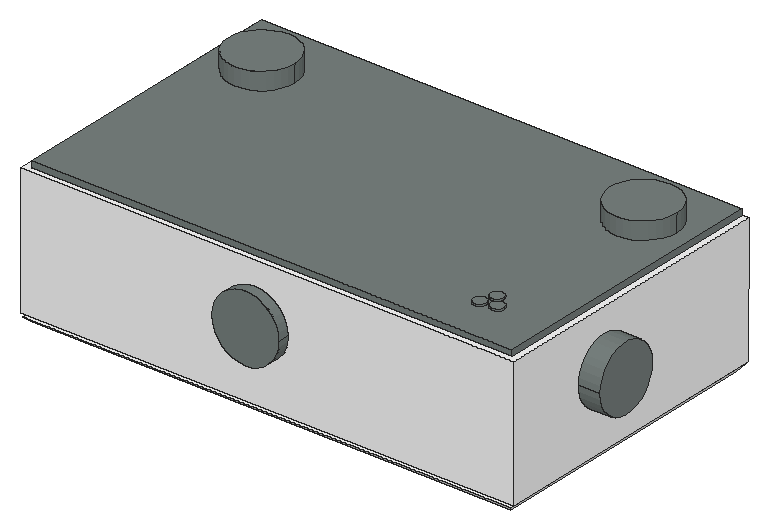
Revit family "AM 300 VVDIDE", category Mechanical Equipment, Revit 2019
Family settings
  Round Connector Dimension = Use Diameter
  Part Type = Normal
  OmniClass Number = 23.75.00.00
  OmniClass Title = Climate Control (HVAC)
  Work Plane-Based = No
  Always vertical = Yes
  Cut with Voids When Loaded = No
  Shared = No
  Room Calculation Point = No
Parameters
  Weight (Standard Unit) = 85  # constant formula
  Water Heating [instance] = yes
  Water Heater Surface Return = 15 mm  # constant formula
  Water Heater Surface IN = 15 mm  # constant formula
  URL = "www.airmaster-as.com"
  Total Width = 1180 mm  # constant formula
  Total Hight = 344 mm  # constant formula
  Data Sheet = "https://www.airmaster-as.com/media/4938/15583-am300-en-rev-04.pdf"
  B-C Duct Supply = 147 mm  # constant formula
  B-C Duct Exhaust = 147 mm  # constant formula
  Suply Air In = 160 mm  # constant formula
  R-C Duct Supply = 133 mm  # constant formula
  Phase 1 - Max Power Consumption = "1175 W"
  Phase 1 - Max Current = "7,97 A"
  Nominal current, electrical preheating surface = "4,35 A"
  Nominal current, electrical comfort heating surface = "2,17 A"
  Nominal current, air handling unit = "1,45 A"
  Network Conection = "AWG 24 CAT 5e STP"
  Model = "AM 300 VVDIDE"
  Max. flow rate 35 dB(A) with ePM10 80% filters = 240.00 m³  # constant formula
  Max. flow rate 35 dB(A) with ePM10 55% filters = 270.00 m³  # constant formula
  Max. flow rate 35 dB(A) with ePM10 50% filters = 275.00 m³  # constant formula
  Max. flow rate 30 dB(A) with ePM10 80% filters = 180.00 m³  # constant formula
  Max. flow rate 30 dB(A) with ePM10 55% filters = 205.00 m³  # constant formula
  Max. flow rate 30 dB(A) with ePM10 50% filters = 210.00 m³  # constant formula
  Manufacturer = "Airmaster A/S"
  Maintenance [instance] = no
  L-C Duct Exhaust = 133 mm  # constant formula
  Extract air = 160 mm  # constant formula
  Exhaust Air = 160 mm  # constant formula
  Total Depth = 703 mm  # constant formula
  Electrical connection = "1 ~ 230 V / N / PE / 50 Hz"
  Drawn By = "LSB"
  Condensate = 6 mm  # constant formula
  BMS Panel = "(PTS) 2x2x0,6"
  BMS Out = "(PTS) 2x2x0,6"
  BMS IN = "(PTS) 2x2x0,6"
  Airlow area [instance] = no
Reference planes
  plane 1 "Center (Front/Back)": y = 0
  plane 2: z = 0
  plane 3 "Center (Left/Right)": x = 0
  plane 4 "Center L/S": y = -703
  plane 5 "Center L/T": x = -590
  plane 6 "Center L/U": x = 590
  plane 7 "TOP": z = 344
  plane 8 "Center L/V": x = -575
  plane 9 "Center L/W": y = -688
  plane 10 "Center L/X": x = 575
  plane 11 "Panel Buttom": z = 20.747
  plane 12 "Panel Top": z = 330.347
  plane 13 "Hatch": z = 14.5
Forms (mm)
  Extrusion 1, solid, material "AM Grey"
    sketch origin (0, 0, 0) x (1, 0, 0) y (0, 1, 0)
      loop
        line (-575, 0) -> (-575, -688) -> (575, -688) -> (575, 0) -> (-575, 0)
    from 14.5 to 344
  Extrusion 2, solid, material "AM White"
    sketch origin (794.5, -1524, 20.747) x (0, -1, 0) y (-1, 0, 0)
      loop
        line (-1524, 1384.5) -> (-1524, 1369.5) -> (-836, 1369.5) -> (-836, 219.5) -> (-1524, 219.5) -> (-1524, 204.5) -> (-821, 204.5) -> (-821, 1384.5) -> (-1524, 1384.5)
    from 0 to -309.6
  Blend 3, solid, material "AM White"
    base sketch origin (-790.646, -1524, 14.5) x (0, -1, 0) y (1, 0, 0)
      loop
        line (-821, 207.613) -> (-821, 1373.657) -> (-1524, 1373.657) -> (-1524, 207.613) -> (-821, 207.613)
    top sketch origin (-790.646, -1524, 14.5) x (0, -1, 0) y (1, 0, 0)
      loop
        line (-836, 218.963) -> (-836, 1362.646) -> (-1509.161, 1362.646) -> (-1509.161, 218.963) -> (-836, 218.963)
    from 0 to -14.5
  Extrusion 4, solid, material "Maintenece", visible <- "Maintenance"
    sketch origin (-790.646, -1524, 0) x (1, 0, 0) y (0, -1, 0)
      loop
        line (200.646, -1524) -> (1380.646, -1524) -> (1380.646, -821) -> (200.646, -821) -> (200.646, -1524)
    from 0 to 1200
  Extrusion 5, solid, material "AM Grey"
    sketch origin (0, 0, 344) x (1, 0, 0) y (0, 1, 0)
      loop
        circle (428.027, -549.273) r 15.55
    from 0 to 3
  Extrusion 6, solid, material "AM Grey"
    sketch origin (0, 0, 344) x (1, 0, 0) y (0, 1, 0)
      loop
        circle (452.132, -578.023) r 15.55
    from 0 to 3
  Extrusion 7, solid, material "AM Grey"
    sketch origin (0, 0, 344) x (1, 0, 0) y (0, 1, 0)
      loop
        circle (415.201, -584.535) r 15.55
    from 0 to 3
  Extrusion 8, solid, material "AM Grey", visible <- "Water Heating"
    sketch origin (-575, -688, 0) x (0, 1, 0) y (0, 0, -1)
      loop
        circle (325.216, -242.139) r 15.55
    from 0 to 36
  Extrusion 9, solid, material "AM Grey", visible <- "Water Heating"
    sketch origin (-575, -836.92, 39.903) x (0, 1, 0) y (0, 0, -1)
      loop
        circle (325.216, -242.139) r 15.55
    from 0 to 36
  Extrusion 10, solid, material "AM Grey"
    sketch origin (590, 0, 20.747) x (0, -1, 0) y (0, 0, -1)
      loop
        circle (433, -174.253) r 78
    from 0 to 54
  Extrusion 11, solid, material "AM Grey"
    sketch origin (0, 0, 344) x (1, 0, 0) y (0, 1, 0)
      loop
        circle (-457, -147) r 79.754
    from 0 to 41
  Extrusion 12, solid, material "AM Grey"
    sketch origin (925, 0, 344) x (1, 0, 0) y (0, 1, 0)
      loop
        circle (-468, -147) r 79.754
    from 0 to 41
  Extrusion 13, solid, material "AM Grey"
    sketch origin (575, -688, 0) x (-1, 0, 0) y (0, 0, -1)
      loop
        circle (605, -195) r 80
    from 0 to 41
Dimensions and locks
  "Total Depth": plane 4 "Center L/S" to plane 1 "Center (Front/Back)"
  equal spacing: plane 5 "Center L/T", plane 3 "Center (Left/Right)", plane 6 "Center L/U"
  "Total Width": plane 5 "Center L/T" to plane 6 "Center L/U"
  "Total Hight": plane 7 "TOP" to level
  locked: plane 10 "Center L/X" to plane 6 "Center L/U" at 15
  locked: plane 4 "Center L/S" to plane 9 "Center L/W" at 15
  locked: plane 5 "Center L/T" to plane 8 "Center L/V" at 15
  Extrusion 1 to Blend 3 sketch curve = 14.839 mm
  plane 7 "TOP" to Extrusion 10 sketch curve = 149 mm
  Extrusion 10 sketch curve to plane 1 "Center (Front/Back)" = 433 mm
  "B-C Duct Exhaust": Extrusion 11 sketch curve to plane 1 "Center (Front/Back)"
  "L-C Duct Exhaust": plane 5 "Center L/T" to Extrusion 11 sketch curve
  "B-C Duct Supply": Extrusion 12 sketch curve to plane 1 "Center (Front/Back)"
  "R-C Duct Supply": Extrusion 12 sketch curve to plane 6 "Center L/U"
  Extrusion 13 sketch curve to plane 5 "Center L/T" = 560 mm
  plane 7 "TOP" to Extrusion 13 sketch curve = 149 mm
  "Suply Air In": diameter of Extrusion 13 sketch curve
  aligned and locked: level to plane 2
  aligned and locked: plane 1 "Center (Front/Back)" to Extrusion 1 sketch curve
  aligned and locked: plane 8 "Center L/V" to Extrusion 1 sketch curve
  aligned and locked: Extrusion 1 sketch curve to plane 9 "Center L/W"
  aligned and locked: Extrusion 1 sketch curve to plane 10 "Center L/X"
  aligned and locked: plane 7 "TOP" to Extrusion 1
  aligned and locked: plane 5 "Center L/T" to Extrusion 2 sketch curve
  aligned and locked: plane 4 "Center L/S" to Extrusion 2 sketch curve
  aligned and locked: plane 6 "Center L/U" to Extrusion 2 sketch curve
  aligned and locked: Extrusion 2 sketch curve to Extrusion 1  (x3)
  aligned and locked: plane 1 "Center (Front/Back)" to Extrusion 2 sketch curve
  aligned and locked: Extrusion 2 to plane 12 "Panel Top"
  aligned and locked: Blend 3 to plane 2
  aligned and locked: plane 13 "Hatch" to Extrusion 1
Automatic sketch dimensions
  plane 1 "Center (Front/Back)" to Extrusion 2 sketch curve = 0 mm
  plane 1 "Center (Front/Back)" to Blend 3 sketch curve = 0 mm
  plane 4 "Center L/S" to Blend 3 sketch curve = 0 mm
  plane 5 "Center L/T" to Blend 3 sketch curve = 6.967 mm
  Blend 3 sketch curve to plane 6 "Center L/U" = 6.989 mm
  plane 9 "Center L/W" to Blend 3 sketch curve = 0 mm
  plane 8 "Center L/V" to Blend 3 sketch curve = 3.316 mm
  Blend 3 sketch curve to plane 10 "Center L/X" = 3 mm
  Extrusion 4 sketch curve to Blend 3 = 18.316 mm
  Extrusion 4 sketch curve to Blend 3 = 18 mm
  Extrusion 4 sketch curve to Blend 3 = 15 mm
  Extrusion 4 sketch curve to Blend 3 = 14.839 mm
  Extrusion 5 sketch curve to Extrusion 1 = 146.973 mm
  Extrusion 5 sketch curve to Extrusion 1 = 138.727 mm
  Extrusion 6 sketch curve to Extrusion 1 = 122.868 mm
  Extrusion 6 sketch curve to Extrusion 1 = 109.977 mm
  Extrusion 7 sketch curve to Extrusion 1 = 159.799 mm
  Extrusion 7 sketch curve to Extrusion 1 = 103.465 mm
  Extrusion 1 to Extrusion 8 sketch curve = 101.861 mm
  Extrusion 8 sketch curve to Extrusion 1 = 325.216 mm
  Extrusion 1 to Extrusion 9 sketch curve = 61.958 mm
  Extrusion 9 sketch curve to Extrusion 1 = 176.296 mm
  radius of Extrusion 5 sketch curve = 15.55 mm
  radius of Extrusion 6 sketch curve = 15.55 mm
  radius of Extrusion 7 sketch curve = 15.55 mm
  radius of Extrusion 8 sketch curve = 15.55 mm
  radius of Extrusion 9 sketch curve = 15.55 mm
  radius of Extrusion 10 sketch curve = 78 mm
  radius of Extrusion 11 sketch curve = 79.754 mm
  radius of Extrusion 12 sketch curve = 79.754 mm
Nested families
  nested 1: "Model Label 2019" at (0, -361.924, 0), Label <- "Model", type "Model Label 2019"
    with Label "AM 300 VVDIDE"
Connectors
  electrical at (428.027, -549.273, 344)
    settings: on Extrusion 5, index 13, voltage 230 V, apparent load 0 VA, apparent load phase1 0 VA, apparent load phase2 0 VA, apparent load phase3 0 VA, power factor 0.55, load classification "Other", number of poles 1, system type 30, power factor state 1, is connector primary yes, connector utility no, sub classification motor no, connector description ""
  electrical at (452.132, -578.023, 344), driven by "BMS Out"
    settings: on Extrusion 6, index 14, voltage 0 V, apparent load 0 VA, apparent load phase1 0 VA, apparent load phase2 0 VA, apparent load phase3 0 VA, power factor 1, load classification "Other", number of poles 1, system type 5, power factor state 1, is connector primary no, connector utility no, sub classification motor no, connector description "(PTS) 2x2x0,6"
  electrical at (415.201, -584.535, 344), driven by "BMS IN"
    settings: on Extrusion 7, index 15, voltage 0 V, apparent load 0 VA, apparent load phase1 0 VA, apparent load phase2 0 VA, apparent load phase3 0 VA, power factor 1, load classification "Other", number of poles 1, system type 5, power factor state 1, is connector primary no, connector utility no, sub classification motor no, connector description "(PTS) 2x2x0,6"
  piping at (-611, -362.784, 242.139), diameter 15, driven by "Water Heater Surface IN"
    settings: on Extrusion 8, index 16, connector inside diameter 609.6 mm, connector length 0 mm, flow factor 0, pipe flow 0.0 L/s, pressure drop 0.0 Pa, fitting loss kfactor 0, connector angle 0.00°, fixture units 0, engagement length 0 mm, angle of deflection 0.00°, flow configuration 0, flow direction 0, fitting loss method 0, system type 19, joint type 0, gender type 0, connector reference index -1, connector utility 0, adjustable connector no, is connector primary yes, connector description ""
  piping at (-611, -511.704, 282.042), diameter 15, driven by "Water Heater Surface IN"
    settings: on Extrusion 9, index 17, connector inside diameter 609.6 mm, connector length 0 mm, flow factor 0, pipe flow 0.0 L/s, pressure drop 0.0 Pa, fitting loss kfactor 0, connector angle 0.00°, fixture units 0, engagement length 0 mm, angle of deflection 0.00°, flow configuration 0, flow direction 0, fitting loss method 0, system type 19, joint type 0, gender type 0, connector reference index -1, connector utility 0, adjustable connector no, is connector primary no, connector description ""
  hvac at (-457, -147, 344), driven by "Suply Air In"
    settings: on Extrusion 11, index 21, duct flow 0.0 L/s, flow factor 0, pres drop 0.0 Pa, loss coef 0, conn angle 0.00°, conn width 304.8 mm, conn height 304.8 mm, conn diameter 160 mm, duct sys type 1, conn prof type 0, flow config 0, flow direction 1, loss method 0, conn ref index -1, conn util no, is conn primary yes, conn desc ""
  hvac at (457, -147, 344), driven by "Exhaust Air"
    settings: on Extrusion 12, index 22, duct flow 0.0 L/s, flow factor 0, pres drop 0.0 Pa, loss coef 0, conn angle 0.00°, conn width 304.8 mm, conn height 304.8 mm, conn diameter 160 mm, duct sys type 3, conn prof type 0, flow config 0, flow direction 0, loss method 0, conn ref index -1, conn util no, is conn primary no, conn desc ""
  hvac at (590, -433, 195), driven by "Extract air"
    settings: on Extrusion 10, index 23, duct flow 0.0 L/s, flow factor 0, pres drop 0.0 Pa, loss coef 0, conn angle 0.00°, conn width 304.8 mm, conn height 304.8 mm, conn diameter 160 mm, duct sys type 2, conn prof type 0, flow config 0, flow direction 0, loss method 0, conn ref index -1, conn util no, is conn primary no, conn desc ""
  hvac at (-30, -688, 195), driven by "Exhaust Air"
    settings: on Extrusion 13, index 24, duct flow 0.0 L/s, flow factor 0, pres drop 0.0 Pa, loss coef 0, conn angle 0.00°, conn width 304.8 mm, conn height 304.8 mm, conn diameter 160 mm, duct sys type 1, conn prof type 0, flow config 0, flow direction 0, loss method 0, conn ref index -1, conn util no, is conn primary no, conn desc ""
Definition of nested family "Model Label 2019"
  Parameters (values of type "Model Label 2019")
    Label [instance] = ""
  Reference planes
    plane 1: y = 0
    plane 2: x = 0
  Text (mm)
    label "Label" at (-0.131, 0.049, 0), shows "Label"
